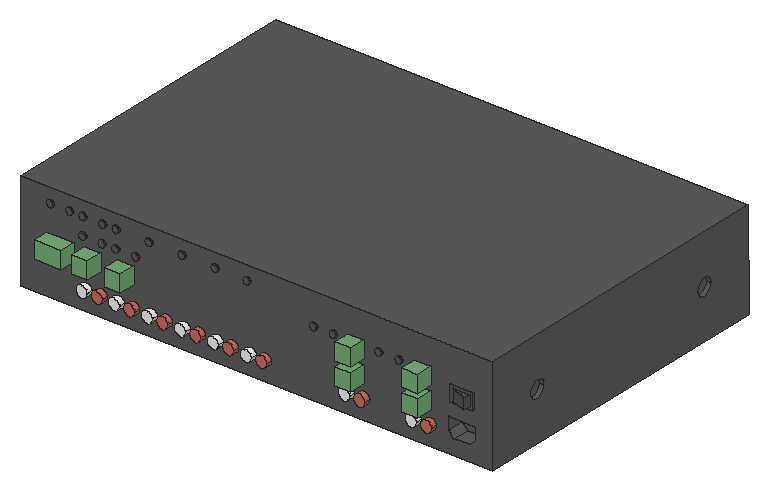
Revit family "Electronics_Commercial-Audio_Biamp_Stereo-Preamplifier_PREZONE-1", category Communication Devices, host Face, Revit 2020
Family settings
  Host = Face
  Maintain Annotation Orientation = No
  Round Connector Dimension = Use Diameter
  Part Type = Normal
  OmniClass Number = 23.85.10.11.14
  OmniClass Title = Audio Equipment
  Cut with Voids When Loaded = No
  Shared = No
  Room Calculation Point = No
Parameters (values of type "PREZONE1")
  Width = 1' - 4.92913"  # constant formula
  Weight = 8.05 lbf  # constant formula
  Voltage = 120 V  # constant formula
  VOX mute = "Yes"  # constant formula
  URL = "https://www.biamp.com/"
  Tone control = "Yes"  # constant formula
  Ref Line Offset [instance] = if(Rack Mount, 0' 9 29/32", 0' 0")  # 0' - 0"
  Rack Mount [instance] = no
  Product data url = "https://www.bimobject.com/biamp/product/prezone1_commercial-audio-preamplifier"
  Product Page URL = "https://www.biamp.com/products/product-families/commercial-audio/pre-amplifiers#prezone1"
  Product Documentation Link = "https://downloads.biamp.com/assets/docs/default-source/data-sheets/biamp_data_sheet_prezone1_aug20.pdf"
  Priority intup contact = "Yes"  # constant formula
  Prioriti levels = "3"  # constant formula
  Power Factor = 1  # constant formula
  Number of Poles = 1  # constant formula
  Music level control = "Yes"  # constant formula
  Model = "PREZONE1"  # constant formula
  Max Power Consumption = 30 W  # constant formula
  Manufacturer = "Biamp"  # constant formula
  MIC level control = "Yes"  # constant formula
  MIC inputs balanced = "2"  # constant formula
  Line input unbalanced = "4"  # constant formula
  Housing Material = Biamp - Metal - Black
  Height = 0' - 3.50394"  # constant formula
  Frequency response (in Hz) = "20-25 k"  # constant formula
  Emergency input = "Yes"  # constant formula
  Coasters for surface standing [instance] = not(Rack Mount)  # yes
  Description = "PREZONE1 Stereo Pre-Amplifier/Mixer with 2 Stereo Volume Zones"  # constant formula
  Depth = 0' - 11.41732"  # constant formula
  Default Elevation = 4' - 0"
  Connector Description = "240V DC 30W"  # constant formula
  Apparent Load = Max Power Consumption / Power Factor  # 30 VA
  Angle [instance] = if(Rack Mount, 0.00°, 90.00°)  # 90.00°
Reference planes (in)
  plane 1 "Center (Front/Back)": y = 0
  plane 2: z = 0
  plane 3 "Center (Left/Right)": x = 0
Lines and regions (in)
  reference lines
    curve 1: line (0, -6, 0) -> (0, 0, 0)
Dimensions and locks (in)
  "Ref Line Offset": nested 1 to curve 1
  "Angle": angle plane 1 "Center (Front/Back)" to curve 1
  aligned and locked: plane 2 to host face
  aligned and locked: level to host face
  aligned and locked: plane 1 "Center (Front/Back)" to curve 1
Automatic sketch dimensions
  host sketch curve to host sketch curve = 8' - 0"  (x2)
  curve 1 to level = 0' - 0"
Nested families (in)
  nested 1: "PREZONE-1" at (0, -5.7036, 0) x (-1, 0, 0) z (0, 0, 1), Housing Material <- "Housing Material", Rack Mount <- "Rack Mount", Coasters for surface standing <- "Coasters for surface standing", type "PREZONE-1"
    with Rack Mount no, Housing Material Biamp - Metal - Black, Coasters for surface standing yes
Connectors (in)
  electrical at (-7.00729, -12.00281, 2.14241)
    settings: on nested 1, index 1, voltage 0 V, apparent load 0 VA, apparent load phase1 0 VA, apparent load phase2 0 VA, apparent load phase3 0 VA, power factor 1, load classification "Other", number of poles 1, system type 5, power factor state 1, is connector primary yes, connector utility no, sub classification motor no, connector description "Euroblock Emergency input"
  electrical at (-5.88018, -12.00281, 2.14241)
    settings: on nested 1, index 2, voltage 0 V, apparent load 0 VA, apparent load phase1 0 VA, apparent load phase2 0 VA, apparent load phase3 0 VA, power factor 1, load classification "Other", number of poles 1, system type 5, power factor state 1, is connector primary no, connector utility no, sub classification motor no, connector description "Euroblock MIC A Balanced/RCA; Input"
  electrical at (-4.69907, -12.00281, 2.14241)
    settings: on nested 1, index 3, voltage 0 V, apparent load 0 VA, apparent load phase1 0 VA, apparent load phase2 0 VA, apparent load phase3 0 VA, power factor 1, load classification "Other", number of poles 1, system type 5, power factor state 1, is connector primary no, connector utility no, sub classification motor no, connector description "Euroblock MIC B Balanced/RCA; Input"
  electrical at (-6.10392, -11.60911, 1.11241)
    settings: on nested 1, index 4, voltage 0 V, apparent load 0 VA, apparent load phase1 0 VA, apparent load phase2 0 VA, apparent load phase3 0 VA, power factor 1, load classification "Other", number of poles 1, system type 5, power factor state 1, is connector primary no, connector utility no, sub classification motor no, connector description "MIC A L; Input"
  electrical at (-5.55528, -11.60911, 1.11241)
    settings: on nested 1, index 5, voltage 0 V, apparent load 0 VA, apparent load phase1 0 VA, apparent load phase2 0 VA, apparent load phase3 0 VA, power factor 1, load classification "Other", number of poles 1, system type 5, power factor state 1, is connector primary no, connector utility no, sub classification motor no, connector description "MIC A R; Input"
  electrical at (-4.94979, -11.60911, 1.11241)
    settings: on nested 1, index 6, voltage 0 V, apparent load 0 VA, apparent load phase1 0 VA, apparent load phase2 0 VA, apparent load phase3 0 VA, power factor 1, load classification "Other", number of poles 1, system type 5, power factor state 1, is connector primary no, connector utility no, sub classification motor no, connector description "MIC B L; Input"
  electrical at (-4.40116, -11.60911, 1.11241)
    settings: on nested 1, index 7, voltage 0 V, apparent load 0 VA, apparent load phase1 0 VA, apparent load phase2 0 VA, apparent load phase3 0 VA, power factor 1, load classification "Other", number of poles 1, system type 5, power factor state 1, is connector primary no, connector utility no, sub classification motor no, connector description "MIC B R; Input"
  electrical at (-3.76869, -11.60911, 1.11241)
    settings: on nested 1, index 8, voltage 0 V, apparent load 0 VA, apparent load phase1 0 VA, apparent load phase2 0 VA, apparent load phase3 0 VA, power factor 1, load classification "Other", number of poles 1, system type 5, power factor state 1, is connector primary no, connector utility no, sub classification motor no, connector description "RCA connectors L; Input"
  electrical at (-3.22006, -11.60911, 1.11241)
    settings: on nested 1, index 9, voltage 0 V, apparent load 0 VA, apparent load phase1 0 VA, apparent load phase2 0 VA, apparent load phase3 0 VA, power factor 1, load classification "Other", number of poles 1, system type 5, power factor state 1, is connector primary no, connector utility no, sub classification motor no, connector description "RCA connectors R; Input"
  electrical at (-2.58759, -11.60911, 1.11241)
    settings: on nested 1, index 10, voltage 0 V, apparent load 0 VA, apparent load phase1 0 VA, apparent load phase2 0 VA, apparent load phase3 0 VA, power factor 1, load classification "Other", number of poles 1, system type 5, power factor state 1, is connector primary no, connector utility no, sub classification motor no, connector description "RCA connectors L; Input"
  electrical at (-2.03895, -11.60911, 1.11241)
    settings: on nested 1, index 11, voltage 0 V, apparent load 0 VA, apparent load phase1 0 VA, apparent load phase2 0 VA, apparent load phase3 0 VA, power factor 1, load classification "Other", number of poles 1, system type 5, power factor state 1, is connector primary no, connector utility no, sub classification motor no, connector description "RCA connectors R; Input"
  electrical at (-1.40648, -11.60911, 1.11241)
    settings: on nested 1, index 12, voltage 0 V, apparent load 0 VA, apparent load phase1 0 VA, apparent load phase2 0 VA, apparent load phase3 0 VA, power factor 1, load classification "Other", number of poles 1, system type 5, power factor state 1, is connector primary no, connector utility no, sub classification motor no, connector description "RCA connectors L; Input"
  electrical at (-0.85785, -11.60911, 1.11241)
    settings: on nested 1, index 13, voltage 0 V, apparent load 0 VA, apparent load phase1 0 VA, apparent load phase2 0 VA, apparent load phase3 0 VA, power factor 1, load classification "Other", number of poles 1, system type 5, power factor state 1, is connector primary no, connector utility no, sub classification motor no, connector description "RCA connectors R; Input"
  electrical at (-0.22538, -11.60911, 1.11241)
    settings: on nested 1, index 14, voltage 0 V, apparent load 0 VA, apparent load phase1 0 VA, apparent load phase2 0 VA, apparent load phase3 0 VA, power factor 1, load classification "Other", number of poles 1, system type 5, power factor state 1, is connector primary no, connector utility no, sub classification motor no, connector description "RCA connectors L; Input"
  electrical at (0.32325, -11.60911, 1.11241)
    settings: on nested 1, index 15, voltage 0 V, apparent load 0 VA, apparent load phase1 0 VA, apparent load phase2 0 VA, apparent load phase3 0 VA, power factor 1, load classification "Other", number of poles 1, system type 5, power factor state 1, is connector primary no, connector utility no, sub classification motor no, connector description "RCA connectors R; Input"
  electrical at (3.29332, -11.60911, 1.11241)
    settings: on nested 1, index 16, voltage 0 V, apparent load 0 VA, apparent load phase1 0 VA, apparent load phase2 0 VA, apparent load phase3 0 VA, power factor 1, load classification "Other", number of poles 1, system type 5, power factor state 1, is connector primary no, connector utility no, sub classification motor no, connector description "Mono/stereo L; Output"
  electrical at (3.84195, -11.60911, 1.11241)
    settings: on nested 1, index 17, voltage 0 V, apparent load 0 VA, apparent load phase1 0 VA, apparent load phase2 0 VA, apparent load phase3 0 VA, power factor 1, load classification "Other", number of poles 1, system type 5, power factor state 1, is connector primary no, connector utility no, sub classification motor no, connector description "Mono/stereo R; Output"
  electrical at (3.56738, -12.00281, 1.87508)
    settings: on nested 1, index 18, voltage 0 V, apparent load 0 VA, apparent load phase1 0 VA, apparent load phase2 0 VA, apparent load phase3 0 VA, power factor 1, load classification "Other", number of poles 1, system type 5, power factor state 1, is connector primary no, connector utility no, sub classification motor no, connector description "Euroblock Balanced/RCA; Output"
  electrical at (3.56738, -12.00281, 2.66248)
    settings: on nested 1, index 20, voltage 0 V, apparent load 0 VA, apparent load phase1 0 VA, apparent load phase2 0 VA, apparent load phase3 0 VA, power factor 1, load classification "Other", number of poles 1, system type 5, power factor state 1, is connector primary no, connector utility no, sub classification motor no, connector description "Euroblock Balanced/RCA; Output"
  electrical at (5.96494, -12.00281, 1.87508)
    settings: on nested 1, index 21, voltage 0 V, apparent load 0 VA, apparent load phase1 0 VA, apparent load phase2 0 VA, apparent load phase3 0 VA, power factor 1, load classification "Other", number of poles 1, system type 5, power factor state 1, is connector primary no, connector utility no, sub classification motor no, connector description "Euroblock Balanced/RCA; Output"
  electrical at (5.96494, -12.00281, 2.66248)
    settings: on nested 1, index 22, voltage 0 V, apparent load 0 VA, apparent load phase1 0 VA, apparent load phase2 0 VA, apparent load phase3 0 VA, power factor 1, load classification "Other", number of poles 1, system type 5, power factor state 1, is connector primary no, connector utility no, sub classification motor no, connector description "Euroblock Balanced/RCA; Output"
  electrical at (6.22876, -11.60911, 1.11241)
    settings: on nested 1, index 23, voltage 0 V, apparent load 0 VA, apparent load phase1 0 VA, apparent load phase2 0 VA, apparent load phase3 0 VA, power factor 1, load classification "Other", number of poles 1, system type 5, power factor state 1, is connector primary no, connector utility no, sub classification motor no, connector description "Mono/stereo R; Output"
  electrical at (5.68013, -11.60911, 1.11241)
    settings: on nested 1, index 24, voltage 0 V, apparent load 0 VA, apparent load phase1 0 VA, apparent load phase2 0 VA, apparent load phase3 0 VA, power factor 1, load classification "Other", number of poles 1, system type 5, power factor state 1, is connector primary no, connector utility no, sub classification motor no, connector description "Mono/stereo L; Output"
  electrical at (7.36389, -11.41226, 1.22858), driven by "Connector Description", driven by "Apparent Load", driven by "Voltage", driven by "Power Factor", driven by "Number of Poles"
    settings: on nested 1, index 25, voltage 120 V, apparent load 30 VA, apparent load phase1 0 VA, apparent load phase2 0 VA, apparent load phase3 0 VA, power factor 1, load classification "Other", number of poles 1, system type 30, power factor state 1, is connector primary no, connector utility no, sub classification motor no, connector description "240V DC 30W"
Definition of nested family "PREZONE-1"
  Parameters (values of type "PREZONE-1")
    URL = "https://www.biamp.com/"
    Temperature Range = ""
    Rack Mount [instance] = no
    Product data url = ""
    Product Page URL = ""
    Product Documentation Link = ""
    Manufacturer = "Biamp"  # constant formula
    Humidity = ""
    Housing Material [instance] = none
    Coasters for surface standing [instance] = no
    Default Elevation = 4' - 0"
    Altitude = ""
  Reference planes (in)
    plane 1 "Center (Front/Back)": y = 0
    plane 2: z = 0
    plane 3 "Center (Left/Right)": x = 0
    plane 4: y = -5.7036
  Forms (in)
    Extrusion 1, solid
      sketch origin (0, 0, 0) x (1, 0, 0) y (0, 1, 0)
        loop
          line (-48, 48) -> (-48, -48) -> (48, -48) -> (48, 48) -> (-48, 48)
      from 0 to -12
    Extrusion 2, solid, detail levels medium+fine
      sketch origin (0, 0, 0) x (1, 0, 0) y (0, 1, 0)
        loop
          line (8.46457, 5.70866) -> (-8.46457, 5.70866) -> (-8.46457, -5.70866) -> (8.46457, -5.70866) -> (8.46457, 5.70866)
      from 0.3937 to 3.89764
    Extrusion 3, solid, visible <- "Coasters for surface standing"
      sketch origin (0, 0, 0) x (1, 0, 0) y (0, 1, 0)
        loop
          circle (-6.49606, -3.74016) r 0.3937
        loop
          circle (6.49606, -3.74016) r 0.3937
        loop
          circle (-6.49606, 3.74016) r 0.3937
        loop
          circle (6.49606, 3.74016) r 0.3937
      from 0 to 0.3937
    Extrusion 4, void
      sketch origin (8.46457, 5.70866, 0) x (0, 1, 0) y (0, 0, -1)
        loop
          circle (-1.96292, -2.14567) r 0.31496
        loop
          circle (-9.4544, -2.14567) r 0.31496
      from 0 to 0.19685
    Extrusion 5, void
      sketch origin (8.46457, 5.70866, 0) x (0, 1, 0) y (0, 0, -1)
        loop
          circle (-1.9685, -2.14567) r 0.31496
        loop
          circle (-9.44882, -2.14567) r 0.31496
      from 16.73228 to 16.92913
    Extrusion 6, void
      sketch origin (0, 0, 0) x (1, 0, 0) y (0, 1, 0)
        loop
          line (-6.6437, -4.92126) -> (-6.6437, -5.70866) -> (7.77559, -5.70866) -> (7.77559, -4.92126) -> (4.52756, -4.92126) -> (4.13386, -5.31496) -> (-3.93701, -5.31496) -> (-4.33071, -4.92126) -> (-6.6437, -4.92126)
      from 0.73344 to 3.21702
    Extrusion 7, solid, detail levels medium+fine
      sketch origin (14.73228, -5.70866, 0) x (-1, 0, 0) y (0, 0, -1)
        loop
          circle (22.31102, -2.14567) r 0.31496
      from 0 to 0.11811
    Extrusion 8, solid, detail levels medium+fine
      sketch origin (0, 0, 0) x (1, 0, 0) y (0, 0, 1)
        loop
          circle (-5.69337, 2.5429) r 0.30291
        loop
          circle (-5.69337, 1.437) r 0.30291
      from 4.92126 to 5.31496
    Extrusion 9, solid, detail levels medium+fine
      sketch origin (0, 0, 0) x (1, 0, 0) y (0, 0, 1)
        loop
          circle (1.55115, 1.79329) r 0.47244
        loop
          circle (3.29819, 1.79329) r 0.47244
      from 5.31496 to 5.70866
    Extrusion 10, solid, detail levels medium+fine
      sketch origin (0, 0, 0) x (1, 0, 0) y (0, 0, 1)
        loop
          arc (-0.67066, 2.3301) -> (-0.75548, 2.2082) -> (-0.67066, 2.08631) r 0.13
          line (-0.67066, 2.08631) -> (-0.27435, 2.08631)
          arc (-0.27435, 2.08631) -> (-0.18953, 2.2082) -> (-0.27435, 2.3301) r 0.13
          line (-0.27435, 2.3301) -> (-0.67066, 2.3301)
        loop
          arc (-0.67066, 1.87448) -> (-0.75548, 1.75259) -> (-0.67066, 1.63069) r 0.13
          line (-0.67066, 1.63069) -> (-0.27435, 1.63069)
          arc (-0.27435, 1.63069) -> (-0.18953, 1.75259) -> (-0.27435, 1.87448) r 0.13
          line (-0.27435, 1.87448) -> (-0.67066, 1.87448)
        loop
          arc (-0.67066, 1.3925) -> (-0.75548, 1.27061) -> (-0.67066, 1.14872) r 0.13
          line (-0.67066, 1.14872) -> (-0.27435, 1.14872)
          arc (-0.27435, 1.14872) -> (-0.18953, 1.27061) -> (-0.27435, 1.3925) r 0.13
          line (-0.27435, 1.3925) -> (-0.67066, 1.3925)
        loop
          arc (-3.43887, 1.3925) -> (-3.52368, 1.27061) -> (-3.43887, 1.14872) r 0.13
          line (-3.43887, 1.14872) -> (-3.05486, 1.14872)
          arc (-3.05486, 1.14872) -> (-2.97004, 1.27061) -> (-3.05486, 1.3925) r 0.13
          line (-3.05486, 1.3925) -> (-3.43887, 1.3925)
      from 5.31496 to 5.3937
    Extrusion 11, void
      sketch origin (0, 0, 0) x (1, 0, 0) y (0, 0, 1)
        loop
          line (-6.87176, 1.60558) -> (-7.85601, 1.60558) -> (-7.85601, 1.1385) -> (-7.65916, 0.94165) -> (-7.06861, 0.94165) -> (-6.87176, 1.1385) -> (-6.87176, 1.60558)
      from -5.70866 to -5.11811
    Extrusion 12, solid, detail levels medium+fine
      sketch origin (0, 0, 0) x (1, 0, 0) y (0, 0, 1)
        loop
          line (-6.93573, 2.65608) -> (-7.76195, 2.65608) -> (-7.76195, 2.09014) -> (-6.93573, 2.09014) -> (-6.93573, 2.65608)
      from -5.70866 to -5.74803
    Extrusion 13, solid, detail levels medium+fine
      sketch origin (0, 0, 3.89764) x (1, 0, 0) y (0, 1, 0)
        loop
          line (-6.9539, 5.70866) -> (-7.64384, 5.98044) -> (-7.64384, 5.70866) -> (-6.9539, 5.70866)
      from -1.72871 to -1.33356
    Extrusion 14, solid, detail levels medium+fine
      sketch origin (0, 0, 0) x (1, 0, 0) y (0, 0, 1)
        loop
          line (-3.28388, 2.9664) -> (-3.85089, 2.9664) -> (-3.85089, 2.35857) -> (-3.28388, 2.35857) -> (-3.28388, 2.9664)
      from -6.29921 to -5.70866
    Extrusion 15, solid, detail levels medium+fine
      sketch origin (0, 0, -0.7874) x (1, 0, 0) y (0, 0, 1)
        loop
          line (-3.28388, 2.9664) -> (-3.85089, 2.9664) -> (-3.85089, 2.35857) -> (-3.28388, 2.35857) -> (-3.28388, 2.9664)
      from -6.29921 to -5.70866
    Extrusion 16, solid, detail levels medium+fine
      sketch origin (-2.39756, 0, 0) x (1, 0, 0) y (0, 0, 1)
        loop
          line (-3.28388, 2.9664) -> (-3.85089, 2.9664) -> (-3.85089, 2.35857) -> (-3.28388, 2.35857) -> (-3.28388, 2.9664)
      from -6.29921 to -5.70866
    Extrusion 17, solid, detail levels medium+fine
      sketch origin (-2.39756, 0, -0.7874) x (1, 0, 0) y (0, 0, 1)
        loop
          line (-3.28388, 2.9664) -> (-3.85089, 2.9664) -> (-3.85089, 2.35857) -> (-3.28388, 2.35857) -> (-3.28388, 2.9664)
      from -6.29921 to -5.70866
    Extrusion 18, solid, detail levels medium+fine
      sketch origin (8.26646, 0, -0.52008) x (1, 0, 0) y (0, 0, 1)
        loop
          line (-3.28388, 2.9664) -> (-3.85089, 2.9664) -> (-3.85089, 2.35857) -> (-3.28388, 2.35857) -> (-3.28388, 2.9664)
      from -6.29921 to -5.70866
    Extrusion 19, solid, detail levels medium+fine
      sketch origin (9.44756, 0, -0.52008) x (1, 0, 0) y (0, 0, 1)
        loop
          line (-3.28388, 2.9664) -> (-3.85089, 2.9664) -> (-3.85089, 2.35857) -> (-3.28388, 2.35857) -> (-3.28388, 2.9664)
      from -6.29921 to -5.70866
    Extrusion 20, solid, detail levels medium+fine
      sketch origin (10.62866, 0, -0.52008) x (1, 0, 0) y (0, 0, 1)
        loop
          line (-3.14638, 2.9664) -> (-4.09636, 2.9664) -> (-4.09636, 2.35857) -> (-3.14638, 2.35857) -> (-3.14638, 2.9664)
      from -6.29921 to -5.70866
    Extrusion 21, solid, detail levels medium+fine
      sketch origin (0, 0, 0) x (1, 0, 0) y (0, 0, 1)
        loop
          circle (6.10392, 1.11241) r 0.19685
        loop
          circle (4.94979, 1.11241) r 0.19685
        loop
          circle (3.76869, 1.11241) r 0.19685
        loop
          circle (2.58759, 1.11241) r 0.19685
        loop
          circle (1.40648, 1.11241) r 0.19685
        loop
          circle (0.22538, 1.11241) r 0.19685
        loop
          circle (-3.29332, 1.11241) r 0.19685
        loop
          circle (-5.68013, 1.11241) r 0.19685
      from -5.90551 to -5.70866
    Extrusion 22, solid, detail levels medium+fine
      sketch origin (0, 0, 0) x (1, 0, 0) y (0, 0, 1)
        loop
          circle (5.55528, 1.11241) r 0.19685
        loop
          circle (4.40116, 1.11241) r 0.19685
        loop
          circle (3.22006, 1.11241) r 0.19685
        loop
          circle (2.03895, 1.11241) r 0.19685
        loop
          circle (0.85785, 1.11241) r 0.19685
        loop
          circle (-0.32325, 1.11241) r 0.19685
        loop
          circle (-3.84195, 1.11241) r 0.19685
        loop
          circle (-6.22876, 1.11241) r 0.19685
      from -5.90551 to -5.70866
    Extrusion 23, solid, detail levels medium+fine
      sketch origin (0, 0, 0) x (1, 0, 0) y (0, 0, 1)
        loop
          circle (7.36904, 3.41358) r 0.11811
        loop
          circle (6.67826, 3.41358) r 0.11811
        loop
          circle (6.20987, 3.41358) r 0.11811
        loop
          circle (5.49997, 3.41358) r 0.11811
        loop
          circle (5.021, 3.41358) r 0.11811
        loop
          circle (3.8399, 3.41358) r 0.11811
        loop
          circle (2.65879, 3.41358) r 0.11811
        loop
          circle (1.47769, 3.41358) r 0.11811
        loop
          circle (0.33396, 3.41358) r 0.11811
        loop
          circle (4.32186, 2.78196) r 0.11811
        loop
          circle (5.03317, 2.78196) r 0.11811
        loop
          circle (5.52496, 2.78196) r 0.11811
        loop
          circle (6.21348, 2.78196) r 0.11811
        loop
          circle (-2.05424, 2.78196) r 0.11811
        loop
          circle (-2.75333, 2.78196) r 0.11811
        loop
          circle (-4.38609, 2.78196) r 0.11811
        loop
          circle (-5.10882, 2.78196) r 0.11811
      from -5.74803 to -5.70866
    Extrusion 24, solid, detail levels coarse
      sketch origin (0, 0, 3.89764) x (1, 0, 0) y (0, 1, 0)
        loop
          line (-8.46457, 5.70866) -> (-8.46457, -5.70866) -> (8.46457, -5.70866) -> (8.46457, 5.70866) -> (-8.46457, 5.70866)
      from -3.50394 to 0
    Extrusion 25, solid, visible <- "Rack Mount"
      sketch origin (0, 0, 0.3937) x (1, 0, 0) y (0, 1, 0)
        loop
          line (-8.46457, -4.75366) -> (-8.56917, -4.75366) -> (-8.56917, -5.7036)
          arc (-8.56917, -5.7036) -> (-8.58383, -5.739) -> (-8.61923, -5.75366) r 0.05006
          line (-8.61923, -5.75366) -> (-10.23622, -5.75366) -> (-10.23622, -5.85826) -> (-8.61923, -5.85826)
          arc (-8.61923, -5.85826) -> (-8.50987, -5.81296) -> (-8.46457, -5.7036) r 0.15466
          line (-8.46457, -5.7036) -> (-8.46457, -4.75366)
        loop
          line (8.46457, -4.75366) -> (8.46457, -5.7036)
          arc (8.46457, -5.7036) -> (8.50987, -5.81296) -> (8.61923, -5.85826) r 0.15466
          line (8.61923, -5.85826) -> (10.23622, -5.85826) -> (10.23622, -5.75366) -> (8.61923, -5.75366)
          arc (8.61923, -5.75366) -> (8.58383, -5.739) -> (8.56917, -5.7036) r 0.05006
          line (8.56917, -5.7036) -> (8.56917, -4.75366) -> (8.46457, -4.75366)
      from 0 to 3.50689
    Extrusion 26, void
      sketch origin (-9.2371, -5.85826, 0.3937) x (-1, 0, 0) y (0, 0, 1)
        loop
          line (0.60694, 3.12289) -> (0.74494, 3.12289)
          arc (0.74494, 3.12289) -> (0.87894, 3.25689) -> (0.74494, 3.39089) r 0.134
          line (0.74494, 3.39089) -> (0.60694, 3.39089)
          arc (0.60694, 3.39089) -> (0.47294, 3.25689) -> (0.60694, 3.12289) r 0.134
        loop
          line (0.74494, 0.384) -> (0.60694, 0.384)
          arc (0.60694, 0.384) -> (0.47294, 0.25) -> (0.60694, 0.116) r 0.134
          line (0.60694, 0.116) -> (0.74494, 0.116)
          arc (0.74494, 0.116) -> (0.87894, 0.25) -> (0.74494, 0.384) r 0.134
        loop
          arc (-19.08113, 3.12289) -> (-18.94713, 3.25689) -> (-19.08113, 3.39089) r 0.134
          line (-19.08113, 3.39089) -> (-19.21913, 3.39089)
          arc (-19.21913, 3.39089) -> (-19.35313, 3.25689) -> (-19.21913, 3.12289) r 0.134
          line (-19.21913, 3.12289) -> (-19.08113, 3.12289)
        loop
          arc (-19.21913, 0.384) -> (-19.35313, 0.25) -> (-19.21913, 0.116) r 0.134
          line (-19.21913, 0.116) -> (-19.08113, 0.116)
          arc (-19.08113, 0.116) -> (-18.94713, 0.25) -> (-19.08113, 0.384) r 0.134
          line (-19.08113, 0.384) -> (-19.21913, 0.384)
      from 0 to 0.1046
    Extrusion 27, solid, detail levels medium+fine
      sketch origin (0, 0, 0) x (1, 0, 0) y (0, 0, 1)
        loop
          arc (-0.67066, 2.79917) -> (-0.75548, 2.67728) -> (-0.67066, 2.55538) r 0.13
          line (-0.67066, 2.55538) -> (-0.27435, 2.55538)
          arc (-0.27435, 2.55538) -> (-0.18953, 2.67728) -> (-0.27435, 2.79917) r 0.13
          line (-0.27435, 2.79917) -> (-0.67066, 2.79917)
        loop
          line (-3.43887, 2.55538) -> (-3.05486, 2.55538)
          arc (-3.05486, 2.55538) -> (-2.97004, 2.67728) -> (-3.05486, 2.79917) r 0.13
          line (-3.05486, 2.79917) -> (-3.43887, 2.79917)
          arc (-3.43887, 2.79917) -> (-3.52368, 2.67728) -> (-3.43887, 2.55538) r 0.13
      from 5.31496 to 5.3937
    Extrusion 28, solid, detail levels medium+fine
      sketch origin (0, 0, 0) x (1, 0, 0) y (0, 0, 1)
        loop
          arc (1.37337, 2.93074) -> (1.28856, 2.80885) -> (1.37337, 2.68695) r 0.13
          line (1.37337, 2.68695) -> (1.76969, 2.68695)
          arc (1.76969, 2.68695) -> (1.8545, 2.80885) -> (1.76969, 2.93074) r 0.13
          line (1.76969, 2.93074) -> (1.37337, 2.93074)
        loop
          arc (3.09581, 2.93074) -> (3.011, 2.80885) -> (3.09581, 2.68695) r 0.13
          line (3.09581, 2.68695) -> (3.49213, 2.68695)
          arc (3.49213, 2.68695) -> (3.57694, 2.80885) -> (3.49213, 2.93074) r 0.13
          line (3.49213, 2.93074) -> (3.09581, 2.93074)
      from 5.31496 to 5.3937
    Extrusion 29, solid, detail levels medium+fine
      sketch origin (0, 0, 0) x (1, 0, 0) y (0, 0, 1)
        loop
          line (5.02461, 2.6046) -> (5.69377, 2.6046)
          arc (5.69377, 2.6046) -> (5.71598, 2.67728) -> (5.69377, 2.74996) r 0.13
          line (5.69377, 2.74996) -> (5.02461, 2.74996)
          arc (5.02461, 2.74996) -> (5.0024, 2.67728) -> (5.02461, 2.6046) r 0.13
        loop
          line (5.02461, 2.13552) -> (5.69377, 2.13552)
          arc (5.69377, 2.13552) -> (5.71598, 2.2082) -> (5.69377, 2.28088) r 0.13
          line (5.69377, 2.28088) -> (5.02461, 2.28088)
          arc (5.02461, 2.28088) -> (5.0024, 2.2082) -> (5.02461, 2.13552) r 0.13
        loop
          line (5.02461, 1.67991) -> (5.69377, 1.67991)
          arc (5.69377, 1.67991) -> (5.71598, 1.75259) -> (5.69377, 1.82527) r 0.13
          line (5.69377, 1.82527) -> (5.02461, 1.82527)
          arc (5.02461, 1.82527) -> (5.0024, 1.75259) -> (5.02461, 1.67991) r 0.13
        loop
          line (5.02461, 1.19793) -> (5.69377, 1.19793)
          arc (5.69377, 1.19793) -> (5.71598, 1.27061) -> (5.69377, 1.34329) r 0.13
          line (5.69377, 1.34329) -> (5.02461, 1.34329)
          arc (5.02461, 1.34329) -> (5.0024, 1.27061) -> (5.02461, 1.19793) r 0.13
      from 4.92126 to 5
  Cuts and joins
    Extrusion 4, Extrusion 5, Extrusion 6, Extrusion 11 cuts Extrusion 2
    Extrusion 26 cuts Extrusion 25
    joined: Extrusion 12, Extrusion 13
  Lines and regions (in)
    Masking region 1
      outline origin (0, 0, 0) x (1, 0, 0) y (0, 0, 1)
        loop
          line (-8.46457, 3.89764) -> (-8.46457, 0.3937) -> (-6.88976, 0.3937) -> (7.55633, 0.3937) -> (8.46457, 0.3937) -> (8.46457, 3.89764) -> (-8.46457, 3.89764)
    Masking region 2, detail levels medium+fine
      outline origin (0, 0, 0) x (1, 0, 0) y (0, 0, 1)
        loop
          line (-6.6437, 3.21702) -> (-6.6437, 0.73344) -> (7.77559, 0.73344) -> (7.77559, 3.21702) -> (-6.6437, 3.21702)
    Masking region 3
      outline origin (0, 0, 0) x (1, 0, 0) y (0, 1, 0)
        loop
          line (-8.46457, 5.70866) -> (-8.46457, -5.70866) -> (8.46457, -5.70866) -> (8.46457, 5.70866) -> (-8.46457, 5.70866)
    Masking region 4, detail levels medium+fine
      outline origin (0, 0, 0) x (1, 0, 0) y (0, 1, 0)
        loop
          line (-6.24845, 6.29921) -> (-6.24845, 5.70866) -> (-5.68144, 5.70866) -> (-5.68144, 6.29921) -> (-6.24845, 6.29921)
        loop
          line (-3.85089, 6.29921) -> (-3.85089, 5.70866) -> (-3.28388, 5.70866) -> (-3.28388, 6.29921) -> (-3.85089, 6.29921)
        loop
          line (4.41557, 6.29921) -> (4.41557, 5.70866) -> (4.98258, 5.70866) -> (4.98258, 6.29921) -> (4.41557, 6.29921)
        loop
          line (5.59667, 6.29921) -> (5.59667, 5.70866) -> (6.16368, 5.70866) -> (6.16368, 6.29921) -> (5.59667, 6.29921)
        loop
          line (6.5323, 6.29921) -> (6.5323, 5.70866) -> (7.48715, 5.70866) -> (7.48715, 6.29921) -> (6.5323, 6.29921)
        loop
          line (-7.8937, -5.70866) -> (-7.8937, -5.82677) -> (-7.26378, -5.82677) -> (-7.26378, -5.70866) -> (-7.8937, -5.70866)
    Masking region 5
      outline origin (0, 0, 0) x (0, 1, 0) y (0, 0, 1)
        loop
          line (-5.70866, 3.89764) -> (-5.70866, 0.3937) -> (-4.2788, 0.3937) -> (4.61185, 0.3937) -> (5.70866, 0.3937) -> (5.70866, 3.89764) -> (-5.70866, 3.89764)
    Masking region 6, detail levels medium+fine
      outline origin (0, 0, 0) x (0, 1, 0) y (0, 0, 1)
        loop
          line (-5.82677, 2.46063) -> (-5.82677, 1.83071) -> (-5.70866, 1.83071) -> (-5.70866, 2.46063) -> (-5.82677, 2.46063)
        loop
          line (5.70866, 2.9664) -> (5.70866, 2.44632) -> (6.29921, 2.44632) -> (6.29921, 2.9664) -> (5.70866, 2.9664)
    Masking region 7, detail levels medium+fine
      outline origin (0, 0, 0) x (0, 1, 0) y (0, 0, 1)
        loop
          line (6.29921, 2.44632) -> (5.70866, 2.44632) -> (5.70866, 1.83849) -> (6.29921, 1.83849) -> (6.29921, 2.44632)
    Masking region 8, detail levels medium+fine
      outline origin (0, 0, 0) x (0, 1, 0) y (0, 0, 1)
        loop
          line (6.29921, 1.57117) -> (6.29921, 2.179) -> (5.70866, 2.179) -> (5.70866, 1.57117) -> (6.29921, 1.57117)
    Masking region 9, visible <- "Rack Mount"
      outline origin (0, 0, 0) x (1, 0, 0) y (0, 0, 1)
        loop
          line (10.23622, 3.90059) -> (8.46457, 3.90059) -> (8.46457, 0.3937) -> (10.23622, 0.3937) -> (10.23622, 3.90059)
        loop
          line (9.84403, 3.51659) -> (9.98203, 3.51659)
          arc (9.98203, 3.51659) -> (10.11603, 3.65059) -> (9.98203, 3.78459) r 0.134
          line (9.98203, 3.78459) -> (9.84403, 3.78459)
          arc (9.84403, 3.78459) -> (9.71003, 3.65059) -> (9.84403, 3.51659) r 0.134
        loop
          line (9.84403, 0.5097) -> (9.98203, 0.5097)
          arc (9.98203, 0.5097) -> (10.11603, 0.6437) -> (9.98203, 0.7777) r 0.134
          line (9.98203, 0.7777) -> (9.84403, 0.7777)
          arc (9.84403, 0.7777) -> (9.71003, 0.6437) -> (9.84403, 0.5097) r 0.134
        loop
          line (-10.23622, 3.90059) -> (-10.23622, 0.3937) -> (-8.46457, 0.3937) -> (-8.46457, 3.90059) -> (-10.23622, 3.90059)
        loop
          arc (-9.84403, 3.51659) -> (-9.71003, 3.65059) -> (-9.84403, 3.78459) r 0.134
          line (-9.84403, 3.78459) -> (-9.98203, 3.78459)
          arc (-9.98203, 3.78459) -> (-10.11603, 3.65059) -> (-9.98203, 3.51659) r 0.134
          line (-9.98203, 3.51659) -> (-9.84403, 3.51659)
        loop
          arc (-9.84403, 0.5097) -> (-9.71003, 0.6437) -> (-9.84403, 0.7777) r 0.134
          line (-9.84403, 0.7777) -> (-9.98203, 0.7777)
          arc (-9.98203, 0.7777) -> (-10.11603, 0.6437) -> (-9.98203, 0.5097) r 0.134
          line (-9.98203, 0.5097) -> (-9.84403, 0.5097)
    Masking region 10, visible <- "Coasters for surface standing"
      outline origin (0, 0, 0) x (1, 0, 0) y (0, 0, 1)
        loop
          line (6.88976, 0) -> (6.88976, 0.3937) -> (6.10236, 0.3937) -> (6.10236, 0) -> (6.88976, 0)
        loop
          line (-6.10236, 0) -> (-6.10236, 0.3937) -> (-6.88976, 0.3937) -> (-6.88976, 0) -> (-6.10236, 0)
    Masking region 11, visible <- "Coasters for surface standing"
      outline origin (0, 0, 0) x (0, 1, 0) y (0, 0, 1)
        loop
          line (4.13386, 0.3937) -> (3.34646, 0.3937) -> (3.34646, 0) -> (4.13386, 0) -> (4.13386, 0.3937)
        loop
          line (-3.34646, 0.3937) -> (-4.13386, 0.3937) -> (-4.13386, 0) -> (-3.34646, 0) -> (-3.34646, 0.3937)
    Masking region 12, visible <- "Rack Mount"
      outline origin (0, 0, 0) x (1, 0, 0) y (0, 1, 0)
        loop
          line (-10.23622, -5.85826) -> (-8.61923, -5.85826)
          arc (-8.61923, -5.85826) -> (-8.50987, -5.81296) -> (-8.46457, -5.7036) r 0.15466
          line (-8.46457, -5.7036) -> (-8.46457, -4.75366) -> (-8.56917, -4.75366) -> (-8.56917, -5.7036)
          arc (-8.56917, -5.7036) -> (-8.58383, -5.739) -> (-8.61923, -5.75366) r 0.05006
          line (-8.61923, -5.75366) -> (-10.23622, -5.75366) -> (-10.23622, -5.85826)
        loop
          line (8.61923, -5.85826) -> (10.23622, -5.85826) -> (10.23622, -5.75366) -> (8.61923, -5.75366)
          arc (8.61923, -5.75366) -> (8.58383, -5.739) -> (8.56917, -5.7036) r 0.05006
          line (8.56917, -5.7036) -> (8.56917, -4.75366) -> (8.46457, -4.75366) -> (8.46457, -5.7036)
          arc (8.46457, -5.7036) -> (8.50987, -5.81296) -> (8.61923, -5.85826) r 0.15466
    Masking region 13, visible <- "Rack Mount"
      outline origin (0, 0, 0) x (1, 0, 0) y (0, 0, 1)
        loop
          line (-8.46457, 3.90059) -> (-10.23622, 3.90059) -> (-10.23622, 0.3937) -> (-8.46457, 0.3937) -> (-8.46457, 3.90059)
        loop
          arc (-9.84403, 3.51659) -> (-9.71003, 3.65059) -> (-9.84403, 3.78459) r 0.134
          line (-9.84403, 3.78459) -> (-9.98203, 3.78459)
          arc (-9.98203, 3.78459) -> (-10.11603, 3.65059) -> (-9.98203, 3.51659) r 0.134
          line (-9.98203, 3.51659) -> (-9.84403, 3.51659)
        loop
          arc (-9.98203, 0.7777) -> (-10.11603, 0.6437) -> (-9.98203, 0.5097) r 0.134
          line (-9.98203, 0.5097) -> (-9.84403, 0.5097)
          arc (-9.84403, 0.5097) -> (-9.71003, 0.6437) -> (-9.84403, 0.7777) r 0.134
          line (-9.84403, 0.7777) -> (-9.98203, 0.7777)
        loop
          line (10.23622, 0.3937) -> (10.23622, 3.90059) -> (8.46457, 3.90059) -> (8.46457, 0.3937) -> (10.23622, 0.3937)
        loop
          arc (9.98203, 3.51659) -> (10.11603, 3.65059) -> (9.98203, 3.78459) r 0.134
          line (9.98203, 3.78459) -> (9.84403, 3.78459)
          arc (9.84403, 3.78459) -> (9.71003, 3.65059) -> (9.84403, 3.51659) r 0.134
          line (9.84403, 3.51659) -> (9.98203, 3.51659)
        loop
          arc (9.84403, 0.7777) -> (9.71003, 0.6437) -> (9.84403, 0.5097) r 0.134
          line (9.84403, 0.5097) -> (9.98203, 0.5097)
          arc (9.98203, 0.5097) -> (10.11603, 0.6437) -> (9.98203, 0.7777) r 0.134
          line (9.98203, 0.7777) -> (9.84403, 0.7777)
    Masking region 14, visible <- "Rack Mount"
      outline origin (0, 0, 0) x (0, 1, 0) y (0, 0, 1)
        loop
          line (-4.75366, 0.3937) -> (-4.75366, 3.90059) -> (-5.85826, 3.90059) -> (-5.85826, 0.3937) -> (-4.75366, 0.3937)
    symbolic lines
      curve 1: line (6.88976, 0, 0.3937) -> (6.10236, 0, 0.3937)
    symbolic lines, detail levels medium+fine
      curve 2: line (4.52756, 0, 3.21702) -> (4.52756, 0, 0.73344)
      curve 3: line (4.13386, 0, 3.21702) -> (4.13386, 0, 0.73344)
      curve 4: line (-3.93701, 0, 3.21702) -> (-3.93701, 0, 0.73344)
      curve 5: line (-4.33071, 0, 3.21702) -> (-4.33071, 0, 0.73344)
      curve 6: arc (2.02359, 0, 1.79329) -> (1.55115, 0, 2.26573) -> (1.07871, 0, 1.79329) r 0.47244
      curve 7: arc (1.07871, 0, 1.79329) -> (1.55115, 0, 1.32085) -> (2.02359, 0, 1.79329) r 0.47244
      curve 8: arc (2.82575, 0, 1.79329) -> (3.29819, 0, 1.32085) -> (3.77063, 0, 1.79329) r 0.47244
      curve 9: arc (3.77063, 0, 1.79329) -> (3.29819, 0, 2.26573) -> (2.82575, 0, 1.79329) r 0.47244
      curve 10: arc (-5.39046, 0, 1.437) -> (-5.69337, 0, 1.73991) -> (-5.99628, 0, 1.437) r 0.30291
      curve 11: arc (-5.99628, 0, 1.437) -> (-5.69337, 0, 1.13409) -> (-5.39046, 0, 1.437) r 0.30291
      curve 12: arc (-5.99628, 0, 2.5429) -> (-5.69337, 0, 2.23999) -> (-5.39046, 0, 2.5429) r 0.30291
      curve 13: arc (-5.39046, 0, 2.5429) -> (-5.69337, 0, 2.8458) -> (-5.99628, 0, 2.5429) r 0.30291
    symbolic lines, visible <- "Rack Mount"
      curve 14: line (8.61923, -5.85826, 0) -> (10.23622, -5.85826, 0)
      curve 15: line (10.23622, -5.85826, 0) -> (10.23622, -5.75366, 0)
      curve 16: line (10.23622, -5.75366, 0) -> (8.61923, -5.75366, 0)
      curve 17: arc (8.61923, -5.75366, 0) -> (8.58383, -5.739, 0) -> (8.56917, -5.7036, 0) r 0.05006
      curve 18: line (8.56917, -5.7036, 0) -> (8.56917, -4.75366, 0)
      curve 19: line (8.56917, -4.75366, 0) -> (8.46457, -4.75366, 0)
      curve 20: line (8.46457, -4.75366, 0) -> (8.46457, -5.7036, 0)
      curve 21: arc (8.46457, -5.7036, 0) -> (8.50987, -5.81296, 0) -> (8.61923, -5.85826, 0) r 0.15466
      curve 22: line (-10.23622, -5.85826, 0) -> (-8.61923, -5.85826, 0)
      curve 23: arc (-8.61923, -5.85826, 0) -> (-8.50987, -5.81296, 0) -> (-8.46457, -5.7036, 0) r 0.15466
      curve 24: line (-8.46457, -5.7036, 0) -> (-8.46457, -4.75366, 0)
      curve 25: line (-8.46457, -4.75366, 0) -> (-8.56917, -4.75366, 0)
      curve 26: line (-8.56917, -4.75366, 0) -> (-8.56917, -5.7036, 0)
      curve 27: arc (-8.56917, -5.7036, 0) -> (-8.58383, -5.739, 0) -> (-8.61923, -5.75366, 0) r 0.05006
      curve 28: line (-8.61923, -5.75366, 0) -> (-10.23622, -5.75366, 0)
      curve 29: line (-10.23622, -5.75366, 0) -> (-10.23622, -5.85826, 0)
      curve 30: line (-8.46457, 0, 3.90059) -> (-10.23622, 0, 3.90059)
      curve 31: line (-10.23622, 0, 3.90059) -> (-10.23622, 0, 0.3937)
      curve 32: line (-10.23622, 0, 0.3937) -> (-8.46457, 0, 0.3937)
      curve 33: line (-8.46457, 0, 0.3937) -> (-8.46457, 0, 3.90059)
      curve 34: arc (-9.84403, 0, 3.78459) -> (-9.71003, 0, 3.65059) -> (-9.84403, 0, 3.51659) r 0.134
      curve 35: line (-9.84403, 0, 3.51659) -> (-9.98203, 0, 3.51659)
      curve 36: arc (-9.98203, 0, 3.51659) -> (-10.11603, 0, 3.65059) -> (-9.98203, 0, 3.78459) r 0.134
      curve 37: line (-9.98203, 0, 3.78459) -> (-9.84403, 0, 3.78459)
      curve 38: line (-9.98203, 0, 0.7777) -> (-9.84403, 0, 0.7777)
      curve 39: arc (-9.84403, 0, 0.7777) -> (-9.71003, 0, 0.6437) -> (-9.84403, 0, 0.5097) r 0.134
      curve 40: line (-9.84403, 0, 0.5097) -> (-9.98203, 0, 0.5097)
      curve 41: arc (-9.98203, 0, 0.5097) -> (-10.11603, 0, 0.6437) -> (-9.98203, 0, 0.7777) r 0.134
      curve 42: arc (9.98203, 0, 0.7777) -> (10.11603, 0, 0.6437) -> (9.98203, 0, 0.5097) r 0.134
      curve 43: line (9.98203, 0, 0.5097) -> (9.84403, 0, 0.5097)
      curve 44: arc (9.84403, 0, 0.5097) -> (9.71003, 0, 0.6437) -> (9.84403, 0, 0.7777) r 0.134
      curve 45: line (9.84403, 0, 0.7777) -> (9.98203, 0, 0.7777)
      curve 46: arc (9.98203, 0, 3.78459) -> (10.11603, 0, 3.65059) -> (9.98203, 0, 3.51659) r 0.134
      curve 47: line (9.98203, 0, 3.51659) -> (9.84403, 0, 3.51659)
      curve 48: arc (9.84403, 0, 3.51659) -> (9.71003, 0, 3.65059) -> (9.84403, 0, 3.78459) r 0.134
      curve 49: line (9.84403, 0, 3.78459) -> (9.98203, 0, 3.78459)
      curve 50: line (10.23622, 0, 3.90059) -> (8.46457, 0, 3.90059)
      curve 51: line (8.46457, 0, 3.90059) -> (8.46457, 0, 0.3937)
      curve 52: line (8.46457, 0, 0.3937) -> (10.23622, 0, 0.3937)
      curve 53: line (10.23622, 0, 0.3937) -> (10.23622, 0, 3.90059)
      curve 54: line (0, -4.75366, 0.3937) -> (0, -4.75366, 3.90059)
      curve 55: line (0, -4.75366, 3.90059) -> (0, -5.85826, 3.90059)
      curve 56: line (0, -5.85826, 3.90059) -> (0, -5.85826, 0.3937)
      curve 57: line (0, -5.85826, 0.3937) -> (0, -4.75366, 0.3937)
      curve 58: line (0, -5.75366, 0.3937) -> (0, -5.75366, 3.90059)
  Dimensions and locks (in)
    Extrusion 12 to Extrusion 13 sketch curve = 0' - 0.11811"
    Extrusion 13 sketch curve to Extrusion 12 = 0' - 0.01816"
    aligned and locked: plane 2 to Extrusion 1
    aligned and locked: level to Extrusion 1
    aligned and locked: Extrusion 3 to Extrusion 2
    aligned and locked: Extrusion 16 to Extrusion 24
    aligned and locked: Extrusion 16 to cut or joined group of Extrusion 2, Extrusion 4, Extrusion 5, Extrusion 6, Extrusion 11
    aligned and locked: Extrusion 14 to cut or joined group of Extrusion 2, Extrusion 4, Extrusion 5, Extrusion 6, Extrusion 11  (x2)
    aligned and locked: Extrusion 18 to cut or joined group of Extrusion 2, Extrusion 4, Extrusion 5, Extrusion 6, Extrusion 11
    aligned and locked: Extrusion 19 to cut or joined group of Extrusion 2, Extrusion 4, Extrusion 5, Extrusion 6, Extrusion 11
    aligned and locked: Extrusion 20 to cut or joined group of Extrusion 2, Extrusion 4, Extrusion 5, Extrusion 6, Extrusion 11
    aligned and locked: Extrusion 15 to cut or joined group of Extrusion 2, Extrusion 4, Extrusion 5, Extrusion 6, Extrusion 11
    aligned and locked: Extrusion 17 to cut or joined group of Extrusion 2, Extrusion 4, Extrusion 5, Extrusion 6, Extrusion 11
    aligned and locked: Extrusion 12 to cut or joined group of Extrusion 2, Extrusion 4, Extrusion 5, Extrusion 6, Extrusion 11
    aligned and locked: Extrusion 13 to cut or joined group of Extrusion 2, Extrusion 4, Extrusion 5, Extrusion 6, Extrusion 11
    aligned and locked: Extrusion 22 to cut or joined group of Extrusion 2, Extrusion 4, Extrusion 5, Extrusion 6, Extrusion 11
    aligned and locked: Extrusion 21 to cut or joined group of Extrusion 2, Extrusion 4, Extrusion 5, Extrusion 6, Extrusion 11
    aligned and locked: Extrusion 23 to cut or joined group of Extrusion 2, Extrusion 4, Extrusion 5, Extrusion 6, Extrusion 11
    aligned and locked: Extrusion 3 to cut or joined group of Extrusion 2, Extrusion 4, Extrusion 5, Extrusion 6, Extrusion 11
